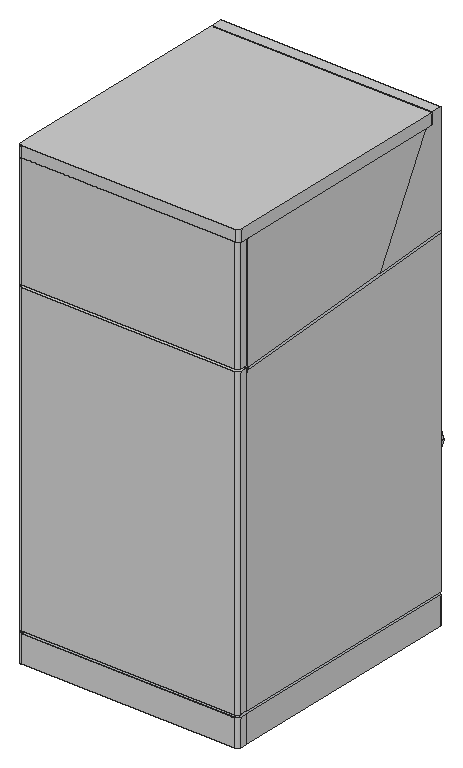
Revit family "Immergas-Ares pro 400", category Attrezzatura meccanica, Revit 2018
Family settings
  Quota connettore circolare = Usa diametro
  Tipo di parte = Normale
  Basato su piano di lavoro = No
  Sempre verticale = Sì
  Taglio con vuoti quando caricato = No
  Condiviso = No
  Punto di calcolo locali = No
Parameters (values of type "Immergas-Ares pro 400")
  yield hvac heating load nominal 30 (%) = 97.55
  yield hvac heating load nominal (%) = 98.16
  cerniere = Immergas - Plastica Nero
  Uniformat code = "D3020"
  Uniformat II Description = "Heat Generating Systems"
  Uniformat = "Heat Generating Systems"
  UDP_88_494_GAS_CONNECTION_DIAMETER = "1.5"
  UDP_334_495_PORTATA_TERMICA = "380"
  Thermal power 80/60°C = 373010 W
  Produttore = "Immergas"
  Product Code = "3.028313"
  Piping volume boiler = 0.34 m³
  Overall Width = 996 mm
  Overall Height = 2130 mm
  Overall Depth = 1273 mm
  Operating Temperature = 90 °C
  Omniclass Description = "HVAC Specific Products and Equipment"
  Nominal Voltage = 230 V
  Nominal Current = 6 A
  Name BIM&CO = "Caldaia"
  Modello = "Immergas-Ares pro 400"
  Masterformat 2014 Description = "Heating, Ventilating, and Air Conditioning (HVAC)"
  MasterFormat = "23 00 00- Heating, Ventilating, and Air Conditioning (HVAC)"
  Mass = 716.00 kg
  Manufacturer Product Link = "https://www.immergas.com/en/product?title=ARES%20PRO%20400"
  Hydraulic Fittings = 2032 mm
  Hot water flow = 0.0 L/s
  Frequency of use = 50 Hz
  Electric Power = 425 W
  ETIM Note = "Residential heating"
  Dimensions of Piping Connectors = 38.1 mm
  Diameter of fume exhaust = 300 mm
  Case = Immergas - Alluminio
Reference planes
  plane 1 "Centro (Fronte/Retro)": y = 0
  plane 2: z = -20.078
  plane 3 "Centro (Sinistra/Destra)": x = 0
Forms (mm)
  Extrusion 1, solid, material "Immergas - Alluminio" <- "Case"
    sketch origin (-14.211, 126.664, -20.078) x (-1, 0, 0) y (0, -1, 0)
      loop
        arc (-497.211, 514.91) -> (-507.817, 510.516) -> (-512.211, 499.91) r 15
        line (-512.211, 499.91) -> (-512.211, 470.647) -> (-507.211, 470.647) -> (-507.211, 466.702) -> (-512.211, 466.702) -> (-512.211, -630.19)
        arc (-512.211, -630.19) -> (-511.188, -632.658) -> (-508.72, -633.681) r 3.491
        line (-508.72, -633.681) -> (-497.211, -633.681) -> (-497.211, -168.631) -> (468.01, -168.631) -> (468.01, -633.681) -> (481.303, -633.681)
        arc (481.303, -633.681) -> (483.772, -632.658) -> (484.794, -630.19) r 3.491
        line (484.794, -630.19) -> (484.794, 466.702) -> (483.021, 466.702) -> (483.021, 470.647) -> (484.797, 470.647) -> (484.797, 499.91)
        arc (484.797, 499.91) -> (480.404, 510.516) -> (469.797, 514.91) r 15
        line (469.797, 514.91) -> (-497.211, 514.91)
    from 17.666 to 139.711
  Extrusion 2, solid
    sketch origin (-14.211, 126.664, -20.078) x (-1, 0, 0) y (0, -1, 0)
      loop
        arc (473.115, 499.91) -> (470.186, 506.981) -> (463.115, 509.91) r 10
        line (463.115, 509.91) -> (-497.681, 509.91)
        arc (-497.681, 509.91) -> (-504.753, 506.981) -> (-507.681, 499.91) r 10
        line (-507.681, 499.91) -> (-507.681, -633.681) -> (-497.681, -633.681) -> (-497.681, 66.664) -> (468.115, 66.664) -> (468.115, -633.681) -> (473.115, -633.681) -> (473.115, 499.91)
    from 122 to 152.633
  Extrusion 3, solid, material "Immergas - Alluminio" <- "Case"
    sketch origin (-14.211, 126.664, -20.078) x (-1, 0, 0) y (0, -1, 0)
      loop
        arc (-497.211, 514.91) -> (-507.817, 510.516) -> (-512.211, 499.91) r 15
        line (-512.211, 499.91) -> (-512.211, 470.647) -> (-507.211, 470.647) -> (-507.211, 466.702) -> (-512.211, 466.702) -> (-512.211, 461.702) -> (484.797, 461.702) -> (484.797, 466.702) -> (483.021, 466.702) -> (483.021, 470.647) -> (484.797, 470.647) -> (484.797, 499.91)
        arc (484.797, 499.91) -> (480.404, 510.516) -> (469.797, 514.91) r 15
        line (469.797, 514.91) -> (-497.211, 514.91)
    from 152.633 to 1544.248
  Extrusion 4, solid, material "Immergas - Alluminio" <- "Case"
    sketch origin (-14.211, 126.664, -20.078) x (-1, 0, 0) y (0, -1, 0)
      loop
        arc (-497.211, 514.91) -> (-507.817, 510.516) -> (-512.211, 499.91) r 15
        line (-512.211, 499.91) -> (-512.211, 470.647) -> (-507.211, 470.647) -> (-507.211, 466.702) -> (-512.211, 466.702) -> (-512.211, 461.702) -> (484.797, 461.702) -> (484.797, 466.702) -> (483.021, 466.702) -> (483.021, 470.647) -> (484.797, 470.647) -> (484.797, 499.91)
        arc (484.797, 499.91) -> (480.404, 510.516) -> (469.797, 514.91) r 15
        line (469.797, 514.91) -> (-497.211, 514.91)
    from 1556.436 to 2071.42
  Extrusion 5, solid, material "Immergas - Alluminio" <- "Case"
    sketch origin (-14.211, 126.664, -20.078) x (-1, 0, 0) y (0, -1, 0)
      loop
        arc (-498.433, 514.91) -> (-509.039, 510.516) -> (-513.433, 499.91) r 15
        line (-513.433, 499.91) -> (-513.433, -578.345)
        arc (-513.433, -578.345) -> (-512.41, -580.814) -> (-509.942, -581.837) r 3.491
        line (-509.942, -581.837) -> (481.306, -581.837)
        arc (481.306, -581.837) -> (483.775, -580.814) -> (484.797, -578.345) r 3.491
        line (484.797, -578.345) -> (484.797, 466.702) -> (484.797, 499.91)
        arc (484.797, 499.91) -> (480.404, 510.516) -> (469.797, 514.91) r 15
        line (469.797, 514.91) -> (-498.433, 514.91)
    from 2073.118 to 2122.118
  Extrusion 6, solid
    sketch origin (-14.211, 126.664, 0) x (-1, 0, 0) y (0, -1, 0)
      loop
        arc (313.789, 499.91) -> (310.86, 506.981) -> (303.789, 509.91) r 10
        line (303.789, 509.91) -> (-332.211, 509.91)
        arc (-332.211, 509.91) -> (-339.282, 506.981) -> (-342.211, 499.91) r 10
        line (-342.211, 499.91) -> (-342.211, -254.597) -> (313.789, -254.597) -> (313.789, 499.91)
    from 2051.342 to 2053.04
  Extrusion 7, solid, material "Immergas - Alluminio" <- "Case"
    sketch origin (0, 0, 0) x (0, 1, 0) y (0, 0, 1)
      loop
        line (-340.038, 1512.207) -> (-340.038, 132.555) -> (760.345, 132.555) -> (760.345, 1589.153) -> (-340.038, 1512.207)
    from -499.008 to 498
  Extrusion 8, solid
    sketch origin (0, 0, 0) x (0, 1, 0) y (0, 0, 1)
      loop
        line (760.345, 1589.153) -> (760.345, 1600.778) -> (-335.038, 1524.181) -> (-335.038, 1512.557) -> (760.345, 1589.153)
    from -479.109 to 498
  Extrusion 9, solid, material "Immergas - Alluminio" <- "Case"
    sketch origin (0, 0, 0) x (0, 1, 0) y (0, 0, 1)
      loop
        line (708.96, 2102.04) -> (417.829, 1576.827) -> (760.345, 1600.778) -> (760.345, 2102.04) -> (708.96, 2102.04)
    from -499.008 to 498
  Extrusion 10, solid, material "Immergas - Alluminio" <- "Case"
    sketch origin (0, 0, 0) x (0, 1, 0) y (0, 0, 1)
      loop
        line (-335.038, 2051.342) -> (-335.038, 1524.181) -> (417.829, 1576.827) -> (680.858, 2051.342) -> (-335.038, 2051.342)
    from -499.008 to 498
  Extrusion 11, void
    sketch origin (0, 760.345, 134.922) x (0, 0, -1) y (1, 0, 0)
      loop
        line (-379.33, 321) -> (-379.33, -317.276) -> (12.922, -317.276) -> (12.922, 321) -> (-379.33, 321)
    from 0 to 334.754
  Sweep 12, solid
    path origin (-83.929, 0, 213.896) x (1, 0, 0) y (0, 0, 1)
      loop
        circle (-265.104, 1733.679) r 50
    profile origin (-349.033, 0, 1897.575) x (0, 0, 1) y (0, -1, 0)
      loop
        circle (0, -768.031) r 1.307
      loop
        circle (5.49, -768.089) r 1.186
      loop
        circle (11.104, -768.089) r 1.186
      loop
        circle (16.717, -768.089) r 1.186
      loop
        circle (22.33, -768.089) r 1.186
      loop
        circle (27.943, -768.089) r 1.186
      loop
        circle (33.557, -768.089) r 1.186
      loop
        circle (-26.758, -768.031) r 1.307
      loop
        circle (-21.267, -768.089) r 1.186
      loop
        circle (-15.654, -768.089) r 1.186
      loop
        circle (-10.041, -768.089) r 1.186
      loop
        circle (-4.427, -768.089) r 1.186
      loop
        circle (-32.368, -768.031) r 1.307
      loop
        circle (-59.126, -768.031) r 1.307
      loop
        circle (-53.635, -768.089) r 1.186
      loop
        circle (-48.022, -768.089) r 1.186
      loop
        circle (-42.409, -768.089) r 1.186
      loop
        circle (-36.796, -768.089) r 1.186
  Extrusion 13, solid
    sketch origin (-77.32, 0, 212.185) x (1, 0, 0) y (0, 0, 1)
      loop
        line (-173.578, 1802.784) -> (-271.402, 1742.954) -> (-360.903, 1813.585) -> (-280.319, 1735.371) -> (-367.602, 1650.639) -> (-271.402, 1728.443) -> (-183.054, 1656.918) -> (-262.486, 1735.371) -> (-173.578, 1802.784)
    from -767.945 to -773.18
  Extrusion 14, solid
    sketch origin (-19.14, 0, 136.839) x (1, 0, 0) y (0, 0, 1)
      loop
        circle (-180.125, 1377.544) r 70
      loop
        circle (-180.125, 1377.544) r 15
      loop
        circle (-178.25, 1425.411) r 5
      loop
        circle (-125.568, 1379.6) r 5
      loop
        circle (-230.361, 1377.882) r 5
      loop
        circle (-179.396, 1329.78) r 5
    from -874.205 to -884.345
  Extrusion 15, solid
    sketch origin (518.671, 0, -713.934) x (1, 0, 0) y (0, 0, 1)
      loop
        circle (-179.571, 1376.687) r 70
      loop
        circle (-179.571, 1376.687) r 15
      loop
        circle (-177.697, 1424.553) r 5
      loop
        circle (-125.014, 1361.472) r 5
      loop
        circle (-229.807, 1377.024) r 5
      loop
        circle (-178.842, 1328.922) r 5
    from -884.345 to -872.228
  Extrusion 16, solid
    sketch origin (0, 0, 72.252) x (1, 0, 0) y (0, 0, 1)
      loop
        line (241, 442) -> (-241, 442)
        arc (-241, 442) -> (-170.413, 271.587) -> (0, 201) r 241
        arc (0, 201) -> (170.413, 271.587) -> (241, 442) r 241
    from -295.295 to -60
  Extrusion 17, solid
    sketch origin (59.439, 153.823, 80.743) x (1, 0, 0) y (0, 0, 1)
      loop
        circle (277.616, 580.172) r 15
      loop
        circle (-258.62, 1433.889) r 15
    from -730.522 to -606.522
  Extrusion 18, solid
    sketch origin (0, 18.026, -17.655) x (1, 0, 0) y (0, -0.052336, 0.99863)
      loop
        circle (1.317, 333.864) r 150
      loop
        circle (1.317, 333.864) r 140
    from -875.918 to -263.972
  Extrusion 19, solid, material "Immergas - Plastica Nero" <- "cerniere"
    sketch origin (0, 0, 3.648) x (0, 1, 0) y (0, 0, 1)
      loop
        line (-351.031, 1401.166) -> (-351.031, 1326.081) -> (-326.031, 1326.081) -> (-326.031, 1401.166) -> (-351.031, 1401.166)
      loop
        line (-350.038, 212.633) -> (-350.038, 152.633) -> (-326.031, 152.633) -> (-326.031, 212.633) -> (-350.038, 212.633)
    from -507 to -499.008
  Extrusion 20, solid
    sketch origin (0, 0, -20.078) x (1, 0, 0) y (0, 1, 0)
      loop
        circle (-424.428, 705.318) r 30
      loop
        circle (432.842, 722.148) r 30
      loop
        circle (-434.661, -295.607) r 30
      loop
        circle (438.403, -298.376) r 30
    from 0 to 193.55
Cuts and joins
  Extrusion 11 cuts Extrusion 7
Dimensions and locks
  locked: Extrusion 2 to Extrusion 1 at 12.922
  locked: Extrusion 6 to Extrusion 4 at 1.697
  Extrusion 5 to Extrusion 1 = 2104.452 mm
  level to nested 1 = 1712 mm
  plane 3 "Centro (Sinistra/Destra)" to nested 1 = 100 mm
  Extrusion 1 to nested 2 = 1741 mm
  nested 2 to plane 3 "Centro (Sinistra/Destra)" = 200 mm
  Extrusion 9 to Extrusion 6 = 1143.591 mm
  cut or joined group of Extrusion 7, Extrusion 11 to Extrusion 15 = 124 mm
  plane 3 "Centro (Sinistra/Destra)" to nested 3 = 200 mm
  Extrusion 1 to nested 3 = 1516.752 mm
  nested 4 to plane 3 "Centro (Sinistra/Destra)" = 336.718 mm
  Extrusion 1 to nested 4 = 663.745 mm
  radius of Extrusion 20 sketch curve = 30 mm
  aligned and locked: level to plane 2
  aligned and locked: Extrusion 3 to Extrusion 2
  aligned and locked: Extrusion 6 to Extrusion 4
  aligned and locked: Extrusion 5 to Extrusion 6
Nested families
  nested 1: "M_Connettore tubazione - Altro - Apparecchi idraulici" at (100, 760.345, 1691.922) x (0, 0, 1) z (0, 1, 0), type "Standard"
    with Spessore 25.4 mm, Raggio nominale 15 mm, Flusso 0.63 L/s, Diametro nominale 30 mm
  nested 2: "M_Connettore tubazione - Altro - Apparecchi idraulici" at (-200, 760.345, 1738.588) x (0, 0, 1) z (0, 1, 0), type "Standard"
    with Spessore 25.4 mm, Raggio nominale 15 mm, Flusso 0.63 L/s, Diametro nominale 30 mm
  nested 3: "M_Connettore tubazione - Altro - Apparecchi idraulici" at (-200, 884.345, 1514.34) x (1, 0, 0) z (0, 1, 0), type "Standard"
    with Spessore 25.4 mm, Raggio nominale 15 mm, Flusso 0.63 L/s, Diametro nominale 30 mm
  nested 4: "M_Connettore tubazione - Altro - Apparecchi idraulici" at (336.718, 884.345, 661.333) x (1, 0, 0) z (0, 1, 0), type "Standard"
    with Spessore 25.4 mm, Raggio nominale 15 mm, Flusso 0.63 L/s, Diametro nominale 30 mm
Connectors
  piping at (-200, 785.745, 1738.588), diameter 12
    settings: on nested 2, index 1, connector inside diameter 609.6 mm, connector length 0 mm, flow factor 0, pipe flow 0.0 L/s, pressure drop 0.0 Pa, fitting loss kfactor 0, connector angle 0.00°, fixture units 0, engagement length 0 mm, angle of deflection 0.00°, flow configuration 0, flow direction 0, fitting loss method 0, system type 22, joint type 0, gender type 0, connector reference index -1, connector utility 0, adjustable connector no, is connector primary yes, connector description "entrata gas"
  piping at (100, 785.745, 1691.922), diameter 12
    settings: on nested 1, index 2, connector inside diameter 609.6 mm, connector length 0 mm, flow factor 0, pipe flow 0.0 L/s, pressure drop 0.0 Pa, fitting loss kfactor 0, connector angle 0.00°, fixture units 0, engagement length 0 mm, angle of deflection 0.00°, flow configuration 0, flow direction 0, fitting loss method 0, system type 22, joint type 0, gender type 0, connector reference index -1, connector utility 0, adjustable connector no, is connector primary no, connector description "attacco vaso di espansione"
  piping at (-200, 909.745, 1514.34), diameter 12
    settings: on nested 3, index 4, connector inside diameter 609.6 mm, connector length 0 mm, flow factor 0, pipe flow 0.0 L/s, pressure drop 0.0 Pa, fitting loss kfactor 0, connector angle 0.00°, fixture units 0, engagement length 0 mm, angle of deflection 0.00°, flow configuration 0, flow direction 0, fitting loss method 0, system type 7, joint type 0, gender type 0, connector reference index -1, connector utility 0, adjustable connector no, is connector primary no, connector description ""
  piping at (336.718, 909.745, 661.333), diameter 12
    settings: on nested 4, index 5, connector inside diameter 609.6 mm, connector length 0 mm, flow factor 0, pipe flow 0.0 L/s, pressure drop 0.0 Pa, fitting loss kfactor 0, connector angle 0.00°, fixture units 0, engagement length 0 mm, angle of deflection 0.00°, flow configuration 0, flow direction 0, fitting loss method 0, system type 8, joint type 0, gender type 0, connector reference index -1, connector utility 0, adjustable connector no, is connector primary no, connector description ""
  piping at (-348.664, 773.18, 1945.443), diameter 10
    settings: on Extrusion 13, index 6, connector inside diameter 609.6 mm, connector length 0 mm, flow factor 0, pipe flow 0.0 L/s, pressure drop 0.0 Pa, fitting loss kfactor 0, connector angle 0.00°, fixture units 0, engagement length 0 mm, angle of deflection 0.00°, flow configuration 0, flow direction 0, fitting loss method 0, system type 17, joint type 0, gender type 0, connector reference index -1, connector utility 0, adjustable connector no, is connector primary no, connector description "entrata aria"
  piping at (1.317, 875.27, 361.594), diameter 10
    settings: on Extrusion 18, index 7, connector inside diameter 609.6 mm, connector length 0 mm, flow factor 0, pipe flow 0.0 L/s, pressure drop 0.0 Pa, fitting loss kfactor 0, connector angle 0.00°, fixture units 0, engagement length 0 mm, angle of deflection 0.00°, flow configuration 0, flow direction 0, fitting loss method 0, system type 22, joint type 0, gender type 0, connector reference index -1, connector utility 0, adjustable connector no, is connector primary no, connector description "uscita fumi"
  electrical at (2.072, 164.84, 132.555)
    settings: on Extrusion 2, index 8, voltage 0 V, apparent load 0 VA, apparent load phase1 0 VA, apparent load phase2 0 VA, apparent load phase3 0 VA, power factor 1, load classification "Altro", number of poles 1, system type 14, power factor state 1, is connector primary yes, connector utility no, sub classification motor no, connector description ""
Definition of nested family "M_Connettore tubazione - Altro - Apparecchi idraulici"
  Parameters (values of type "Standard")
    WFU = 0
    Raggio nominale [instance] = 15 mm
    Diametro nominale [instance] = Raggio nominale * 2  # 30 mm
    Spessore [instance] = 25.4 mm
    HWFU = 0
    Flusso [instance] = 0.63 L/s
    Default Elevation = 0 mm
    CWFU = 0
  Reference planes
    plane 1 "Centro (Fronte/Retro)": y = 0
    plane 2: z = 0
    plane 3 "Centro (Sinistra/Destra)": x = 0
    plane 4: z = 25.4
  Forms (mm)
    Extrusion 1, solid
      sketch origin (0, 0, 0) x (1, 0, 0) y (0, 1, 0)
        loop
          line (-1219.2, 1219.2) -> (-1219.2, -1219.2) -> (1219.2, -1219.2) -> (1219.2, 1219.2) -> (-1219.2, 1219.2)
      from 0 to -304.8
    Extrusion 2, solid
      sketch origin (0, 0, 0) x (1, 0, 0) y (0, 1, 0)
        loop
          circle (0, 0) r 15
      from 0 to 25.4
  Dimensions and locks
    "Spessore": plane 4 to plane 2
    "Raggio nominale": radius of Extrusion 2 sketch curve
    aligned and locked: plane 2 to Extrusion 1
    aligned and locked: level to Extrusion 1
    aligned and locked: plane 1 "Centro (Fronte/Retro)" to Extrusion 2 sketch curve
    aligned and locked: plane 4 to Extrusion 2
  Automatic sketch dimensions
    Extrusion 1 sketch curve to Extrusion 1 sketch curve = 2438.4 mm  (x2)
    Extrusion 2 sketch curve to plane 3 "Centro (Sinistra/Destra)" = 0 mm
  Connectors
    piping at (0, 0, 25.4), diameter 30, driven by "Raggio nominale", driven by "WFU", driven by "Flusso"
      settings: on Extrusion 2, index 1, connector inside diameter 30 mm, connector length 0 mm, flow factor 0, pipe flow 0.63 L/s, pressure drop 0.0 Pa, fitting loss kfactor 0, connector angle 0.00°, fixture units 0, engagement length 0 mm, angle of deflection 0.00°, flow configuration 1, flow direction 1, fitting loss method 0, system type 22, joint type 0, gender type 0, connector reference index -1, connector utility 0, adjustable connector no, is connector primary yes, connector description ""
